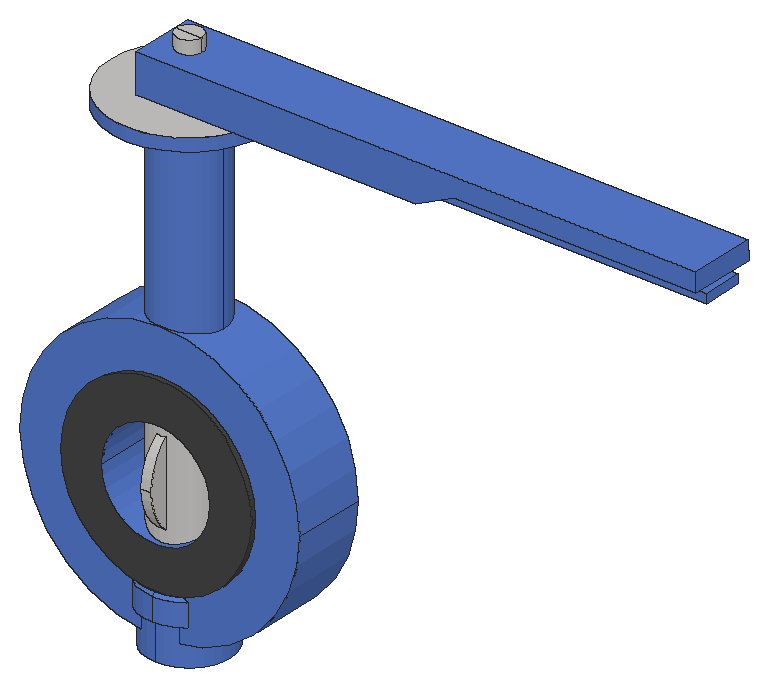
Revit family "Butterfly_Valves-Full_Lug-WATTS-BF-03_Series", category Pipe Accessories, Revit 2014
Parameters (values of type "BF-03 / 2"")
  Weight = "8 lbs. (6 kg.)"
  Warranty Information = "1 Year (Limited)"
  URL = "http://www.watts.com"
  Top Plate Diameter F = 3 1/16"
  Top Attacment Diameter H = 1/2"
  Thickness Diameter C = 1 5/8"
  Temperature Range = "EPDM: +5°F to 248°F (-15°C to +120°C) Buna-N: +14°F to 176°F (-10°C to +80°C) Viton: -4°F to 302°F (-20°C to +150°C)"  # constant formula
  Symbolic Lines Visibility = no
  Region = "North America"  # constant formula
  Product Page URL = "https://www.watts.com/products/plumbing-flow-control-solutions/shutoff-valves/butterfly-valves/bf-03"
  Product Documentation Link = "https://www.watts.com/dfsmedia/0533dbba17714b1ab581ab07a4cbb521/12233-source/options/download"
  Price = "Prices may vary. Please consult Manufacturer Representative for most up-to-date price list."  # constant formula
  Plate To Top D = 1 1/4"
  Outer Diameter of Attachment = 5 1/2"
  Opening Diameater E = 2 1/8"
  Number of Bolt = 4
  Model = "BF-03"  # constant formula
  Max. Working Pressure = "200psi (13.8 bar) pressure rating for 2'' – 12'' (50 – 300mm)** and a 150psi (10.3 bar) pressure rating 14'' – 24'' (350 – 600mm)**"  # constant formula
  Materials = Metal-WATTS-ASTM A-536 Ductile Iron-Blue
  Manufacturer Product Line = "Water Safety & Flow Control"  # constant formula
  Manufacturer = "WATTS"  # constant formula
  Handle Option = yes
  Handel Length G = 10 1/2"
  Full Height A = 10 3/4"
  Description = "Butterfly Valves Series BF-03-M2 Full Lug and BF-04-M2 Wafer Sizes: 2'' – 12'' (50 – 300mm)** 200psi (13.8 bar) 14'' – 24'' (350 – 600mm)** 150psi (10.3 bar) Watts Series BF resilient seated butterfly valve is available in sizes 2'' – 24'' (50 – 600mm)** in wafer or lug body design. Incorporating a 200psi (13.8 bar) pressure rating for 2'' – 12'' (50 – 300mm)** and a 150psi (10.3 bar) pressure rating 14'' – 24'' (350 – 600mm)**, the BF series butterfly is standardly constructed of a ductile iron body with a choice of either ductile iron, aluminum bronze, or 316 stainless steel discs and 416 stainless steel or 316 stainless steel shaft. A phenolic-backed seat (2''-12'', 50-300mm)** or aluminum-backed seat (14'' – 24'', 350-600mm)** prevents the seat from collapsing or dislodging. Standard seat materials available include EPDM, Buna-N and Viton. The BF Series mounting pad is designed to ISO 5211 standard to accommodate lever handles, gear operators, or actuation."  # constant formula
  Creation Date = "12/05/2018"  # constant formula
  Country = "United States"  # constant formula
  Connection Type = "Flange Connection"  # constant formula
  Connection Size = 2"
  Connection Radius = Connection Size / 2  # 1"
  Connection Attacment Diameter I = 3 3/4"
  Central To Top of Plate B = 6 3/8"
  Barrier Radius = Opening Diameater E  # 2 1/8"
  Assembly Code = "D2090900"
Types (15): name | Weight | Top Plate Diameter F | Top Attacment Diameter H | Thickness Diameter C | Symbolic Lines Visibility | Plate To Top D | Outer Diameter of Attachment | Opening Diameater E | Number of Bolt | Handle Option | Handel Length G | Full Height A | Connection Size | Connection Radius | Connection Attacment Diameter I | Central To Top of Plate B | Barrier Radius
  (no name) | "8 lbs. (6 kg.)" | 3 1/16" | 1/2" | 1 5/8" | no | 1 1/4" | 5 1/2" | 2 1/8" | 4 | yes | 10 1/2" | 10 3/4" | 2" | 1" | 3 3/4" | 6 3/8" | 2 1/8"
  BF-03 / 2" | "8 lbs. (6 kg.)" | 3 1/16" | 1/2" | 1 5/8" | no | 1 1/4" | 5 1/2" | 2 1/8" | 4 | yes | 10 1/2" | 10 3/4" | 2" | 1" | 3 3/4" | 6 3/8" | 2 1/8"
  BF-03 / 2 1/2" | "10 lbs. (7 kg.)" | 3 1/16" | 1/2" | 1 3/4" | no | 1 1/4" | 6 1/4" | 2 1/2" | 4 | yes | 10 1/2" | 11 5/8" | 2 1/2" | 1 1/4" | 4 1/4" | 6 7/8" | 2 1/2"
  BF-03 / 3" | "10 lbs. (7 kg.)" | 3 1/16" | 1/2" | 1 3/4" | no | 1 1/4" | 6 3/4" | 3 1/8" | 4 | yes | 10 1/2" | 12 1/8" | 3" | 1 1/2" | 4 3/4" | 7 1/8" | 3 1/8"
  BF-03 / 4" | "17 lbs. (12 kg.)" | 3 5/8" | 5/8" | 2" | no | 1 1/4" | 8 1/16" | 4 1/8" | 8 | yes | 10 1/2" | 13 5/8" | 4" | 2" | 6 1/16" | 7 7/8" | 4 1/8"
  BF-03 / 5" | "25 lbs. (16 kg.)" | 3 5/8" | 3/4" | 2 3/16" | no | 1 1/4" | 9 1/8" | 4 7/8" | 8 | yes | 10 1/2" | 14 5/8" | 5" | 2 1/2" | 7 1/8" | 8 3/8" | 4 7/8"
  BF-03 / 6" | "27 lbs. (20 kg.)" | 3 5/8" | 3/4" | 2 3/16" | no | 1 1/4" | 10 3/16" | 6 1/8" | 8 | yes | 10 1/2" | 15 5/8" | 6" | 3" | 8 3/16" | 8 7/8" | 6 1/8"
  BF-03 / 8" | "40 lbs. (29 kg.)" | 5" | 7/8" | 2 3/8" | no | 1 1/4" | 13 1/2" | 8" | 8 | yes | 14" | 18 7/8" | 8" | 4" | 10 1/4" | 10 1/4" | 8"
  BF-03 / 10" | "63 lbs. (48 kg.)" | 5" | 1 1/8" | 2 3/8" | no | 1 3/4" | 15" | 9 7/8" | 12 | yes | 14" | 21 1/4" | 10" | 5" | 12 5/8" | 11 1/2" | 9 7/8"
  BF-03 / 12" | "107 lbs. (78 kg.)" | 6" | 1 1/4" | 3" | no | 1 3/4" | 17 3/4" | 11 7/8" | 12 | yes | 14" | 24 5/8" | 12" | 6" | 14 3/4" | 13 1/4" | 11 7/8"
  BF-03 / 14" | "156 lbs. (99 kg.)" | 6" | 1 1/4" | 3" | yes | 1 3/4" | 19 15/16" | 13 1/8" | 12 | no | 14" | 26 3/4" | 14" | 7" | 15 15/16" | 14 1/2" | 13 1/8"
  BF-03 / 16" | "203 lbs. (140 kg.)" | 6 7/8" | 1 5/16" | 3 3/8" | yes | 2" | 22 1/2" | 15 3/8" | 16 | no | 14" | 30" | 16" | 8" | 18 1/2" | 15 3/4" | 15 3/8"
  BF-03 / 18" | "269 lbs. (188 kg.)" | 6 7/8" | 1 1/2" | 4 1/8" | yes | 2" | 24" | 17 3/8" | 16 | no | 14" | 31 1/2" | 18" | 9" | 20 11/16" | 16 5/8" | 17 3/8"
  BF-03 / 20" | "392 lbs. (248 kg.)" | 8 1/4" | 1 5/8" | 5 1/8" | yes | 2 1/8" | 26 1/4" | 19 3/8" | 20 | no | 14" | 35 5/16" | 20" | 10" | 22 1/4" | 18 7/8" | 19 3/8"
  BF-03 / 24" | "593 lbs. (450 kg.)" | 8 1/4" | 2" | 6" | yes | 2 1/4" | 33 1/2" | 23 3/8" | 20 | no | 14" | 42 7/8" | 24" | 12" | 27 5/16" | 22 1/8" | 23 3/8"
Reference planes (in)
  plane 1 "Center (Front/Back)": y = 0
  plane 2: z = 0
  plane 3 "Center (Left/Right)": x = 0
  plane 4: x = 10.5
  plane 5: z = 6.375
  plane 6: z = 7.625
  plane 7: z = 1.0625
  plane 8: z = -1.0625
  plane 9: z = -3.125
  plane 10: z = -1.875
  plane 11: z = 1.875
  plane 12: x = -1.53125
  plane 13: x = 1.53125
  plane 14: x = -0.25
  plane 15: x = 0.25
  plane 16: y = 0.8125
  plane 17: y = -0.8125
  plane 18: z = 6.625
  plane 19: y = 0.71875
  plane 20: y = -0.71875
  plane 21: y = 0.64062
  plane 22: y = -0.64063
  plane 23: y = 0.39062
  plane 24: y = -0.39063
  plane 25: x = 0.42074
  plane 26: x = -0.09412
  plane 27: x = 0.09412
  plane 28: z = 1.38481
  plane 29: z = 1.32063
Forms (in)
  Extrusion 1, solid, material "Metal-WATTS-ASTM A-536 Ductile Iron-Blue"
    sketch origin (0, 0, 0) x (1, 0, 0) y (0, 0, 1)
      loop
        circle (0, 0) r 1.0625
      loop
        circle (0, 0) r 1.875
    from -0.8125 to 0.8125
  Extrusion 2, solid, material "Metal-WATTS-ASTM A-536 Ductile Iron-Blue"
    sketch origin (0, 0, 0) x (1, 0, 0) y (0, 1, 0)
      loop
        circle (0, 0) r 1.53125
    from 6.375 to 6.625
  Revolve 3, solid, material "Metal-WATTS-ASTM A-536 Ductile Iron-Blue"
    sketch origin (0, 0, 0) x (0, 1, 0) y (0, 0, 1)
      loop
        line (0.8125, -2.375) -> (0.90532, -2.375) -> (0.90532, -1.92671) -> (0.85361, -1.875) -> (0, -1.875) -> (0, -3.125) -> (0.8125, -3.125) -> (0.8125, -2.375)
      axis (0, -1.875) -> (0, -3.125)
    angle from 0 to 360
  Extrusion 4, solid, material "Metal-WATTS-ASTM A-536 Ductile Iron-Blue"
    sketch origin (0, 0, 0) x (1, 0, 0) y (0, 0, 1)
      loop
        circle (0, 0) r 1.875
      loop
        circle (0, 0) r 2.75
    from -0.71875 to 0.71875
  Revolve 5, solid, material "Metal-WATTS-Stainless Steel"
    sketch origin (0, 0, 0) x (1, 0, 0) y (0, 0, 1)
      loop
        line (-0.6875, -1.875) -> (0, -1.875) -> (0, 1.32063) -> (-0.6875, 1.32063) -> (-0.6875, -1.875)
      loop
        line (0, 7.625) -> (-0.25, 7.625) -> (-0.25, 6.375) -> (-0.6875, 6.375) -> (-0.6875, 1.38481) -> (0, 1.38481) -> (0, 7.625)
      axis (0, 7.625) -> (0, -1.875)
    angle from 0 to 360
  Extrusion 6, solid, material "Metal-WATTS-ASTM A-536 Ductile Iron-Blue", visible <- "Handle Option"
    sketch origin (0, 0, 0) x (1, 0, 0) y (0, 0, 1)
      loop
        line (-0.53125, 7.375) -> (-0.53125, 6.625) -> (4.98438, 6.625) -> (5.72991, 7) -> (10.5, 7) -> (10.5, 7.375) -> (-0.53125, 7.375)
    from -0.64062 to 0.64062
  Extrusion 7, solid, material "Metal-WATTS-ASTM A-536 Ductile Iron-Blue", visible <- "Handle Option"
    sketch origin (0, 0, -5.6875) x (1, 0, 0) y (0, 0, 1)
      loop
        line (5.48183, 12.56272) -> (5.13628, 12.38891) -> (10.5, 12.38891) -> (10.5, 12.56272) -> (5.48183, 12.56272)
    from -0.39062 to 0.39062
  Extrusion 8, solid, material "Metal-WATTS-Stainless Steel"
    sketch origin (0.42074, 0.21217, 48) x (0, -1, 0) y (0, 0, 1)
      loop
        circle (0.21217, -48) r 1.0625
    from 0.32662 to 0.51485
Cuts and joins
  joined: Revolve 5, Extrusion 8
Lines and regions (in)
  Masking region 1, detail levels fine
    outline origin (0, 0, 0) x (1, 0, 0) y (0, 1, 0)
      loop
        line (2.75, 0.71875) -> (1.875, 0.71875) -> (1.875, 0.8125) -> (1.29791, 0.8125)
        arc (1.29791, 0.8125) -> (0.78265, 1.31612) -> (0.09412, 1.52835) r 1.53125
        arc (0.09412, 1.52835) -> (-0.70028, 1.36174) -> (-1.29791, 0.8125) r 1.53125
        line (-1.29791, 0.8125) -> (-1.875, 0.8125) -> (-1.875, 0.71875) -> (-2.75, 0.71875) -> (-2.75, -0.71875) -> (-1.875, -0.71875) -> (-1.875, -0.8125) -> (-1.29791, -0.8125)
        arc (-1.29791, -0.8125) -> (-0.70028, -1.36174) -> (0.09412, -1.52835) r 1.53125
        arc (0.09412, -1.52835) -> (0.78265, -1.31612) -> (1.29791, -0.8125) r 1.53125
        line (1.29791, -0.8125) -> (1.875, -0.8125) -> (1.875, -0.71875) -> (2.75, -0.71875) -> (2.75, -0.64063) -> (2.75, 0.64062) -> (2.75, 0.71875)
  Masking region 2, visible <- "Handle Option", detail levels fine
    outline origin (0, 0, 0) x (1, 0, 0) y (0, 1, 0)
      loop
        line (10.5, 0.64062) -> (-0.53125, 0.64062) -> (-0.53125, -0.64063) -> (10.5, -0.64063) -> (10.5, 0.64062)
  Masking region 3, detail levels fine
    outline origin (0, 0, 0) x (1, 0, 0) y (0, 1, 0)
      loop
        line (-0.09412, 1.0625) -> (-0.09412, -1.0625) -> (0.09412, -1.0625) -> (0.09412, 1.0625) -> (-0.09412, 1.0625)
  symbolic lines, detail levels fine
    curve 1: arc (-1.29791, 0.8125, 0) -> (-1.53125, 0, 0) -> (-1.29791, -0.8125, 0) r 1.53125
    curve 2: arc (1.29791, -0.8125, 0) -> (1.3471, -0.72805, 0) -> (1.3908, -0.64063, 0) r 1.53125
    curve 3: arc (-0.09412, -1.52835, 0) -> (0, -1.53125, 0) -> (0.09412, -1.52835, 0) r 1.53125
    curve 4: arc (0.09412, 1.52835, 0) -> (0, 1.53125, 0) -> (-0.09412, 1.52835, 0) r 1.53125
    curve 5: circle (0, 0, 0) r 0.25 normal (0, 0, -1)
    curve 6: arc (1.3908, 0.64062, 0) -> (1.3471, 0.72805, 0) -> (1.29791, 0.8125, 0) r 1.53125
  symbolic lines, visible <- "Symbolic Lines Visibility", detail levels fine
    curve 7: arc (1.3908, -0.64063, 0) -> (1.53125, 0, 0) -> (1.3908, 0.64062, 0) r 1.53125
  model lines, style "PipeAccessory", detail levels coarse+medium
    curve 8: line (-0.375, 0.8125, 0) -> (0.375, 0.8125, 0)
    curve 9: line (-0.375, -0.8125, 0) -> (0.375, -0.8125, 0)
    curve 10: circle (0, 0, 0) r 0.25 normal (0, 0, 1)
    curve 11: line (0.375, -0.72304, 0) -> (-0.375, 0.72304, 0)
Dimensions and locks (in)
  "Handel Length G": plane 4 to plane 3 "Center (Left/Right)"
  "Central To Top of Plate B": plane 5 to level
  "Plate To Top D": plane 6 to plane 5
  equal spacing: plane 7, level, plane 8
  "Opening Diameater E": plane 7 to plane 8
  equal spacing: plane 11, level, plane 10
  "Connection Attacment Diameter I": plane 11 to plane 10
  "Full Height A": plane 6 to plane 9
  equal spacing: plane 15, plane 3 "Center (Left/Right)", plane 14
  "Top Attacment Diameter H": plane 15 to plane 14
  equal spacing: plane 13, plane 3 "Center (Left/Right)", plane 12
  "Top Plate Diameter F": plane 13 to plane 12
  "Thickness Diameter C": plane 16 to plane 17
  equal spacing: plane 16, plane 1 "Center (Front/Back)", plane 17
  locked: plane 18 to plane 5 at 0.25
  locked: plane 14 to Revolve 5 sketch curve at 0.4375
  equal spacing: plane 21, plane 1 "Center (Front/Back)", plane 22
  locked: plane 1 "Center (Front/Back)" to plane 22 at 0.64062
  locked: plane 6 to Extrusion 6 sketch curve at 0.25
  equal spacing: plane 4, Extrusion 6 sketch curve, Extrusion 6 sketch curve
  locked: plane 3 "Center (Left/Right)" to Extrusion 6 sketch curve at 0.53125
  locked: Extrusion 6 sketch curve to Extrusion 6 sketch curve at 0.375
  locked: plane 16 to plane 19 at 0.09375
  locked: plane 20 to plane 17 at 0.09375
  locked: Revolve 3 sketch curve to Revolve 3 sketch curve at 0.07313
  locked: Revolve 3 sketch curve to Revolve 3 sketch curve at 0.44829
  locked: Revolve 3 sketch curve to Revolve 3 sketch curve at 0.09282
  locked: plane 24 to plane 22 at 0.25
  locked: plane 21 to plane 23 at 0.25
  Extrusion 7 sketch curve to Extrusion 7 sketch curve to plane 18 = 0.17381" locked, 0.07641" locked
  equal spacing: plane 26, plane 3 "Center (Left/Right)", plane 27
  plane 11 to plane 28 to plane 29 = 0.49019" locked, 0.06418" locked
  equal spacing: Masking region 1 sketch curve, plane 3 "Center (Left/Right)", Masking region 1 sketch curve  (x2)
  "Outer Diameter of Attachment": Masking region 1 sketch curve to Masking region 1 sketch curve
  "Connection Attacment Diameter I": Masking region 1 sketch curve to Masking region 1 sketch curve
  equal spacing: Masking region 3 sketch curve, plane 1 "Center (Front/Back)", Masking region 3 sketch curve
  "Barrier Radius": Masking region 3 sketch curve to Masking region 3 sketch curve
  "Opening Diameater E": diameter of Extrusion 1 sketch curve
  "Connection Attacment Diameter I": diameter of Extrusion 1 sketch curve
  "Top Plate Diameter F": diameter of Extrusion 2 sketch curve
  "Connection Attacment Diameter I": diameter of Extrusion 4 sketch curve
  "Outer Diameter of Attachment": diameter of Extrusion 4 sketch curve
  "Barrier Radius": diameter of Extrusion 8 sketch curve
  aligned and locked: Extrusion 1 to plane 16
  aligned and locked: plane 17 to Extrusion 1
  aligned and locked: plane 1 "Center (Front/Back)" to Extrusion 2 sketch curve
  aligned and locked: plane 3 "Center (Left/Right)" to Extrusion 2 sketch curve
  aligned and locked: Extrusion 2 to plane 5
  aligned and locked: plane 18 to Extrusion 2
  aligned and locked: plane 9 to Revolve 3 sketch curve
  aligned and locked: Revolve 3 sketch curve to plane 16
  aligned and locked: plane 1 "Center (Front/Back)" to Revolve 3 sketch curve
  aligned and locked: Revolve 3 sketch curve to plane 10
  aligned and locked: Revolve 3 sketch curve to plane 1 "Center (Front/Back)"
  aligned and locked: plane 3 "Center (Left/Right)" to Extrusion 4 sketch curve  (x2)
  aligned and locked: level to Extrusion 4 sketch curve  (x2)
  aligned and locked: Extrusion 4 to plane 19
  aligned and locked: plane 20 to Extrusion 4
  aligned and locked: Revolve 5 sketch curve to plane 5
  aligned and locked: Revolve 5 sketch curve to plane 6
  aligned and locked: Revolve 5 sketch curve to plane 14
  aligned and locked: Revolve 5 sketch curve to plane 3 "Center (Left/Right)"  (x2)
  aligned and locked: Extrusion 6 to plane 22
  aligned and locked: plane 21 to Extrusion 6
  aligned and locked: Extrusion 6 sketch curve to plane 18
  aligned and locked: Extrusion 6 sketch curve to plane 4
  aligned and locked: Revolve 5 sketch curve to plane 10
  aligned and locked: Extrusion 7 to plane 23
  aligned and locked: Extrusion 7 to plane 24
  aligned and locked: Extrusion 7 sketch curve to plane 4
  aligned and locked: Extrusion 6 to Extrusion 7 sketch curve
  aligned and locked: level to Extrusion 8 sketch curve
  aligned and locked: plane 3 "Center (Left/Right)" to Extrusion 1 sketch curve  (x2)
  aligned and locked: level to Extrusion 1 sketch curve  (x2)
  aligned and locked: Extrusion 8 to plane 26
  aligned and locked: plane 27 to Extrusion 8
  aligned and locked: plane 1 "Center (Front/Back)" to Extrusion 8 sketch curve
  aligned and locked: Revolve 5 sketch curve to plane 28
  aligned and locked: Revolve 5 sketch curve to plane 29
  aligned and locked: Masking region 1 sketch curve to plane 19
  aligned and locked: Masking region 1 sketch curve to plane 20
  aligned and locked: Masking region 1 sketch curve to plane 17
  aligned and locked: Masking region 1 sketch curve to plane 16
  aligned and locked: Masking region 1 sketch curve to Extrusion 2  (x4)
  aligned and locked: Extrusion 4 to Masking region 1 sketch curve
  aligned and locked: Masking region 1 sketch curve to Masking region 1 sketch curve  (x4)
  aligned and locked: curve 1 to Extrusion 2
  aligned and locked: curve 2 to Extrusion 2
  aligned and locked: curve 2 to Masking region 1
  aligned and locked: Masking region 1 to curve 6
  aligned and locked: curve 1 to Masking region 1
  aligned and locked: Masking region 1 to curve 1
  aligned and locked: curve 3 to Extrusion 2
  aligned and locked: plane 26 to curve 3
  aligned and locked: plane 27 to curve 3
  aligned and locked: curve 4 to Extrusion 2
  aligned and locked: plane 26 to curve 4
  aligned and locked: plane 27 to curve 4
  aligned and locked: curve 5 to cut or joined group of Revolve 5, Extrusion 8
  aligned and locked: Masking region 2 sketch curve to Extrusion 6  (x3)
  aligned and locked: Masking region 2 sketch curve to plane 4
  aligned and locked: Extrusion 6 to curve 7  (x2)
  aligned and locked: Extrusion 6 to Masking region 1 sketch curve  (x2)
  aligned and locked: Masking region 3 sketch curve to cut or joined group of Revolve 5, Extrusion 8  (x2)
  aligned and locked: plane 16 to curve 8
  aligned and locked: plane 17 to curve 9
Automatic sketch dimensions
  Extrusion 6 sketch curve to Extrusion 6 sketch curve = 0.74553"
  Revolve 5 sketch curve to plane 9 = 1/8"
  Revolve 5 sketch curve to Revolve 5 sketch curve = 1"
  Revolve 5 sketch curve to plane 14 = 7/16"
  Revolve 5 sketch curve to plane 3 "Center (Left/Right)" = 0"
  Revolve 3 sketch curve to plane 16 = 0.04111"
  Revolve 3 sketch curve to Revolve 3 sketch curve = 1 1/4"
  Revolve 3 sketch curve to Revolve 3 sketch curve = 2"
  curve 1 to curve 6 = 0"  (x2)
  curve 1 to curve 7 = 0"  (x2)
  curve 1 to curve 10 = 0"  (x2)
  curve 11 to plane 19 = 0.00429"
  plane 20 to curve 11 = 0.00429"
  curve 8 to plane 14 = 1/8"
  curve 9 to plane 14 = 1/8"
  curve 11 to curve 8 = 0"
  plane 15 to curve 8 = 1/8"
  plane 15 to curve 9 = 1/8"
  curve 11 to curve 9 = 0"
  plane 16 to Masking region 1 sketch curve = 0"
  plane 17 to Masking region 1 sketch curve = 0"
  Masking region 1 sketch curve to plane 27 = 0"  (x2)
  plane 20 to Masking region 1 sketch curve = 0"
  radius of curve 10 = 1/4"
Connectors (in)
  piping at (0, -0.8125, 0), diameter 2, driven by "Connection Radius"
    settings: on Extrusion 1, index 1, connector inside diameter 24", connector length 0", flow factor 0, pipe flow 0 GPM, pressure drop 0.00 psi, fitting loss kfactor 0, connector angle 0.00°, fixture units 0, engagement length 0", angle of deflection 0.00°, flow configuration 0, flow direction 0, fitting loss method 0, system type 28, joint type 0, gender type 0, connector reference index -1, connector utility 0, adjustable connector no, is connector primary yes, connector description ""
  piping at (0, 0.8125, 0), diameter 2, driven by "Connection Radius"
    settings: on Extrusion 1, index 2, connector inside diameter 24", connector length 0", flow factor 0, pipe flow 0 GPM, pressure drop 0.00 psi, fitting loss kfactor 0, connector angle 0.00°, fixture units 0, engagement length 0", angle of deflection 0.00°, flow configuration 0, flow direction 0, fitting loss method 0, system type 28, joint type 0, gender type 0, connector reference index -1, connector utility 0, adjustable connector no, is connector primary no, connector description ""
